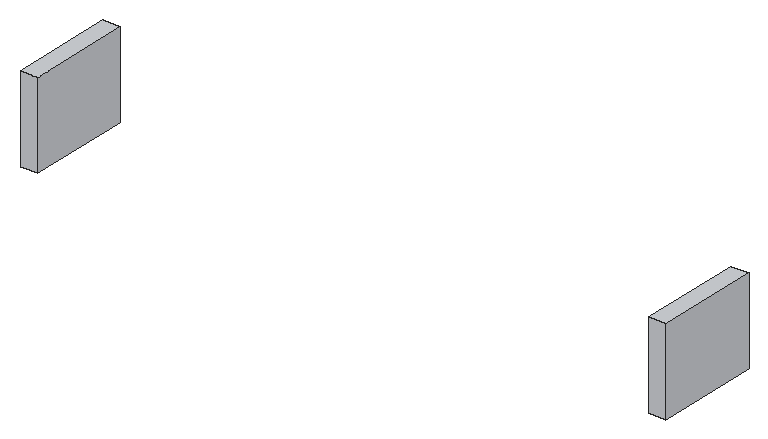
Revit family "ОВ_установка_default", category Оборудование, Revit 2022
Family settings
  Размер круглого соединителя = Использовать диаметр
  Классификация = Нет
  Тип детали = Нормальный
  На основе рабочей плоскости = Нет
  Всегда вертикально = Да
  При загрузке вырезать с полостями = Нет
  Сохранять ориентацию аннотаций = Нет
  Общий = Нет
  Точка принадлежности помещению = Нет
Parameters
  Отметка по умолчанию = 0 mm
  Выпуск_Длина [instance] = 100 mm
  Впуск_Ширина [instance] = 600 mm
  Выпуск_Ширина [instance] = 600 mm
  Выпуск_Отступ [instance] = 100 mm
  Выпуск_Высота [instance] = 500 mm
  Впуск_Снизу [instance] = no
  Впуск_Посередине [instance] = yes
  Впуск_Оступ [instance] = 100 mm
  Впуск_Длина [instance] = 100 mm
  Впуск_Высота [instance] = 500 mm
  Выпуск_Снизу [instance] = no
  Выпуск_Посередине [instance] = yes
  Выпуск_b [instance] = if(Выпуск_Посередине, (ADSK_Размер_Высота / 2) - (Выпуск_Высота / 2), if(Выпуск_Снизу, ADSK_Размер_Высота - Выпуск_Высота, 0 mm))  # 286.069 mm
  Впуск_b [instance] = if(Впуск_Посередине, (ADSK_Размер_Высота / 2) - (Впуск_Высота / 2), if(Впуск_Снизу, ADSK_Размер_Высота - Впуск_Высота, 0 mm))  # 286.069 mm
  Вложенное_оборудование_группирование [instance] = ""
  Вложенное_наполнение_группирование [instance] = ""
  ADSK_Этаж [instance] = ""
  ADSK_Размер_Ширина [instance] = 1360 mm
  ADSK_Размер_Длина [instance] = 3760 mm
  ADSK_Размер_Высота = 1072.138 mm
  ADSK_Примечание [instance] = ""
  ADSK_Предел огнестойкости = ""
  ADSK_Позиция [instance] = ""
  ADSK_Обозначение = ""
  ADSK_Наименование краткое = ""
  ADSK_Наименование = ""
  ADSK_Материал обозначение = ""
  ADSK_Материал наименование = ""
  ADSK_Масса = 0
  ADSK_Марка = ""
  ADSK_Количество [instance] = 1
  ADSK_Код изделия = ""
  ADSK_Зона = ""
  ADSK_Завод-изготовитель = ""
  ADSK_Единица измерения = ""
  ADSK_Группирование = ""
  ADSK_URL страницы изделия = ""
  ADSK_URL документации изделия = ""
Reference planes
  plane 1 "По центру (Вперед/Назад)": y = 0
  plane 2: z = 0
  plane 3 "По центру (Влево/Вправо)": x = 0
  plane 4: x = -1880
  plane 5: x = 1880
  plane 6: y = 680
  plane 7: y = -680
  plane 8: z = 1072.138
  plane 9: z = 786.069
  plane 10: z = 286.069
  plane 11: y = 300
  plane 12: y = -300
  plane 13: y = 300
  plane 14: y = -300
  plane 15: z = 0
  plane 16: z = 286.069
  plane 17 "Начало оборудования": x = -1780
  plane 18: x = 1780
  plane 19: z = 786.069
Dimensions and locks
  equal spacing: plane 6, plane 1 "По центру (Вперед/Назад)", plane 7
  "ADSK_Размер_Ширина": plane 6 to plane 7
  equal spacing: plane 4, plane 3 "По центру (Влево/Вправо)", plane 5
  "ADSK_Размер_Длина": plane 4 to plane 5
  "ADSK_Размер_Высота": level to plane 8
  "Выпуск_b": plane 9 to plane 8
  "Выпуск_Высота": plane 10 to plane 9
  equal spacing: plane 11, plane 1 "По центру (Вперед/Назад)", plane 12
  "Выпуск_Ширина": plane 11 to plane 12
  equal spacing: plane 13, plane 1 "По центру (Вперед/Назад)", plane 14
  "Впуск_Ширина": plane 13 to plane 14
  "Выпуск_Длина": plane 4 to plane 17 "Начало оборудования"
  "Впуск_Длина": plane 18 to plane 5
  "Впуск_b": plane 8 to plane 19
  "Впуск_Высота": plane 19 to plane 16
  aligned and locked: level to plane 2
  aligned and locked: plane 5 to nested 2
  aligned and locked: plane 9 to nested 2
  aligned and locked: nested 1 to plane 16
Nested families
  nested 1: "Элементы установки" at (-1830, 0, 286.069), ADSK_Размер_Высота <- "Впуск_Высота", ADSK_Размер_Ширина <- "Впуск_Ширина", ADSK_Размер_Длина <- "Выпуск_Длина", type "Без УГО"
    with ADSK_Размер_Ширина 600 mm, ADSK_Размер_Длина 100 mm, ADSK_Размер_Высота 500 mm
  nested 2: "Элементы установки" at (1830, 0, 286.069), ADSK_Размер_Высота <- "Выпуск_Высота", ADSK_Размер_Ширина <- "Выпуск_Ширина", ADSK_Размер_Длина <- "Впуск_Длина", type "Без УГО"
    with ADSK_Размер_Ширина 600 mm, ADSK_Размер_Длина 100 mm, ADSK_Размер_Высота 500 mm
Definition of nested family "Элементы установки"
  Parameters (values of type "Воздухоохладитель")
    Фильтр = no
    Default Elevation = 0 mm
    Воздухоохладитель = yes
    Воздухонагреватель = no
    Вентилятор = no
    ADSK_Размер_Ширина [instance] = 500 mm
    ADSK_Размер_Длина [instance] = 920 mm
    ADSK_Размер_Высота [instance] = 800 mm
  Types (5, lengths in mm): name | Фильтр | Воздухоохладитель | Воздухонагреватель | Вентилятор
    Вентилятор | no | no | no | yes
    Фильтр | yes | no | no | no
    Без УГО | no | no | no | no
    Воздухонагреватель | no | no | yes | no
    Воздухоохладитель | no | yes | no | no
  Reference planes
    plane 1 "По центру (Вперед/Назад)": y = 0
    plane 2 "Снизу": z = 0
    plane 3 "По центру (Влево/Вправо)": x = 0
    plane 4 "Слева": x = -460
    plane 5 "Справа": x = 460
    plane 6 "Сзади": y = 250
    plane 7 "Спереди": y = -250
    plane 8 "Сверху": z = 800
  Forms (mm)
    Extrusion 1, solid
      sketch origin (0, 0, 0) x (1, 0, 0) y (0, 1, 0)
        loop
          line (-460, 250) -> (-460, -250) -> (460, -250) -> (460, 250) -> (-460, 250)
      from 0 to 800
  Dimensions and locks
    equal spacing: plane 4 "Слева", plane 3 "По центру (Влево/Вправо)", plane 5 "Справа"
    "ADSK_Размер_Длина": plane 4 "Слева" to plane 5 "Справа"
    equal spacing: plane 6 "Сзади", plane 1 "По центру (Вперед/Назад)", plane 7 "Спереди"
    "ADSK_Размер_Ширина": plane 6 "Сзади" to plane 7 "Спереди"
    "ADSK_Размер_Высота": level to plane 8 "Сверху"
    aligned and locked: level to plane 2 "Снизу"
    aligned and locked: Extrusion 1 sketch curve to plane 6 "Сзади"
    aligned and locked: plane 4 "Слева" to Extrusion 1 sketch curve
    aligned and locked: plane 7 "Спереди" to Extrusion 1 sketch curve
    aligned and locked: Extrusion 1 sketch curve to plane 5 "Справа"
    aligned and locked: plane 8 "Сверху" to Extrusion 1
    aligned and locked: plane 4 "Слева" to nested 1
    aligned and locked: plane 2 "Снизу" to nested 1
    aligned and locked: plane 4 "Слева" to nested 2
    aligned and locked: plane 7 "Спереди" to nested 2
    aligned and locked: plane 4 "Слева" to nested 3
    aligned and locked: nested 3 to plane 8 "Сверху"
    aligned and locked: nested 5 to Extrusion 1  (x2)
    aligned and locked: nested 6 to Extrusion 1  (x3)
    aligned and locked: nested 4 to Extrusion 1  (x2)
    aligned and locked: nested 8 to Extrusion 1  (x2)
    aligned and locked: nested 9 to Extrusion 1  (x2)
    aligned and locked: nested 7 to Extrusion 1  (x2)
  Nested families
    nested 1: "УГО_Вентилятор" at (0, -250, 400) x (1, 0, 0) z (0, -1, 0), ADSK_Размер_Высота <- "ADSK_Размер_Высота", ADSK_Размер_Длина <- "ADSK_Размер_Длина", Вентилятор <- "Вентилятор", Фильтр <- "Фильтр", type "УГО_Вентилятор"
      with Фильтр no, Воздухоохладитель no, Воздухонагреватель no, Вентилятор no, l 554.256 mm, i 512 mm, a 160 mm, ADSK_Размер_Длина 920 mm, ADSK_Размер_Диаметр 640 mm, ADSK_Размер_Высота 800 mm
    nested 2: "УГО_Вентилятор" at (0, 0, 800), ADSK_Размер_Высота <- "ADSK_Размер_Ширина", ADSK_Размер_Длина <- "ADSK_Размер_Длина", Вентилятор <- "Вентилятор", Фильтр <- "Фильтр", type "УГО_Вентилятор"
      with Фильтр no, Воздухоохладитель no, Воздухонагреватель no, Вентилятор no, l 346.41 mm, i 320 mm, a 100 mm, ADSK_Размер_Длина 920 mm, ADSK_Размер_Диаметр 400 mm, ADSK_Размер_Высота 500 mm
    nested 3: "УГО_Вентилятор" at (0, 250, 400) x (1, 0, 0) z (0, 1, 0), ADSK_Размер_Высота <- "ADSK_Размер_Высота", ADSK_Размер_Длина <- "ADSK_Размер_Длина", Вентилятор <- "Вентилятор", Фильтр <- "Фильтр", type "УГО_Вентилятор"
      with Фильтр no, Воздухоохладитель no, Воздухонагреватель no, Вентилятор no, l 554.256 mm, i 512 mm, a 160 mm, ADSK_Размер_Длина 920 mm, ADSK_Размер_Диаметр 640 mm, ADSK_Размер_Высота 800 mm
    nested 4: "УГО_Вентилятор" at (0, 250, 400) x (1, 0, 0) z (0, 1, 0), ADSK_Размер_Длина <- "ADSK_Размер_Длина", ADSK_Размер_Высота <- "ADSK_Размер_Высота", visible <- "Воздухонагреватель", type "Воздухонагреватель"
      with Фильтр no, Воздухоохладитель no, Воздухонагреватель yes, Вентилятор no, l 554.256 mm, i 512 mm, a 160 mm, ADSK_Размер_Длина 920 mm, ADSK_Размер_Диаметр 640 mm, ADSK_Размер_Высота 800 mm
    nested 5: "УГО_Вентилятор" at (0, -250, 400) x (-1, 0, 0) z (0, -1, 0), ADSK_Размер_Высота <- "ADSK_Размер_Высота", ADSK_Размер_Длина <- "ADSK_Размер_Длина", visible <- "Воздухонагреватель", type "Воздухонагреватель"
      with Фильтр no, Воздухоохладитель no, Воздухонагреватель yes, Вентилятор no, l 554.256 mm, i 512 mm, a 160 mm, ADSK_Размер_Длина 920 mm, ADSK_Размер_Диаметр 640 mm, ADSK_Размер_Высота 800 mm
    nested 6: "УГО_Вентилятор" at (0, 0, 800), ADSK_Размер_Длина <- "ADSK_Размер_Длина", ADSK_Размер_Высота <- "ADSK_Размер_Ширина", visible <- "Воздухонагреватель", type "Воздухонагреватель"
      with Фильтр no, Воздухоохладитель no, Воздухонагреватель yes, Вентилятор no, l 346.41 mm, i 320 mm, a 100 mm, ADSK_Размер_Длина 920 mm, ADSK_Размер_Диаметр 400 mm, ADSK_Размер_Высота 500 mm
    nested 7: "УГО_Вентилятор" at (0, -250, 400) x (-1, 0, 0) z (0, -1, 0), ADSK_Размер_Высота <- "ADSK_Размер_Высота", ADSK_Размер_Длина <- "ADSK_Размер_Длина", visible <- "Воздухоохладитель", type "Воздухоохладитель"
      with Фильтр no, Воздухоохладитель yes, Воздухонагреватель no, Вентилятор no, l 554.256 mm, i 512 mm, a 160 mm, ADSK_Размер_Длина 920 mm, ADSK_Размер_Диаметр 640 mm, ADSK_Размер_Высота 800 mm
    nested 8: "УГО_Вентилятор" at (0, 250, 400) x (1, 0, 0) z (0, 1, 0), ADSK_Размер_Высота <- "ADSK_Размер_Высота", ADSK_Размер_Длина <- "ADSK_Размер_Длина", visible <- "Воздухоохладитель", type "Воздухоохладитель"
      with Фильтр no, Воздухоохладитель yes, Воздухонагреватель no, Вентилятор no, l 554.256 mm, i 512 mm, a 160 mm, ADSK_Размер_Длина 920 mm, ADSK_Размер_Диаметр 640 mm, ADSK_Размер_Высота 800 mm
    nested 9: "УГО_Вентилятор" at (0, 0, 800), ADSK_Размер_Высота <- "ADSK_Размер_Ширина", ADSK_Размер_Длина <- "ADSK_Размер_Длина", visible <- "Воздухоохладитель", type "Воздухоохладитель"
      with Фильтр no, Воздухоохладитель yes, Воздухонагреватель no, Вентилятор no, l 346.41 mm, i 320 mm, a 100 mm, ADSK_Размер_Длина 920 mm, ADSK_Размер_Диаметр 400 mm, ADSK_Размер_Высота 500 mm
  Definition of nested family "УГО_Вентилятор"
    Parameters (values of type "Воздухонагреватель")
      Фильтр [instance] = no
      Default Elevation = 1219.2 mm
      Воздухоохладитель [instance] = no
      Воздухонагреватель [instance] = yes
      Вентилятор [instance] = no
      l [instance] = ADSK_Размер_Диаметр * cos(30.00°)  # 381.051 mm
      i [instance] = ADSK_Размер_Диаметр - ADSK_Размер_Диаметр / 100 * 20  # 352 mm
      a [instance] = ADSK_Размер_Диаметр / 4  # 110 mm
      ADSK_Размер_Длина [instance] = 1000 mm
      ADSK_Размер_Диаметр [instance] = if(ADSK_Размер_Длина > ADSK_Размер_Высота, ADSK_Размер_Высота * 0.8, ADSK_Размер_Длина * 0.8)  # 440 mm
      ADSK_Размер_Высота [instance] = 550 mm
    Types (5, lengths in mm): name | Фильтр | Воздухоохладитель | Воздухонагреватель | Вентилятор | l | i | a | ADSK_Размер_Диаметр | ADSK_Размер_Высота
      (no name) | no | no | yes | no | 692.82 | 640 | 200 | 800 | 1100
      Вентилятор | no | no | no | yes | 692.82 | 640 | 200 | 800 | 1100
      Фильтр | yes | no | no | no | 692.82 | 640 | 200 | 800 | 1100
      Воздухонагреватель | no | no | yes | no | 381.051 | 352 | 110 | 440 | 550
      Воздухоохладитель | no | yes | no | no | 692.82 | 640 | 200 | 800 | 1100
    Reference planes
      plane 1 "По центру (Вперед/Назад)": y = 0
      plane 2: z = 0
      plane 3 "По центру (Влево/Вправо)": x = 0
      plane 4: y = 275
      plane 5: y = -275
      plane 6: x = -500
      plane 7: x = 500
      plane 8: y = 137.5
      plane 9: y = -137.5
    Forms (mm)
      Extrusion 1, solid, visible <- "Вентилятор"
        sketch origin (0, 0, 0) x (1, 0, 0) y (0, 1, 0)
          loop
            line (220, 0) -> (-110, 190.526) -> (-110, -190.526) -> (220, 0)
        from 0 to 1
    Lines and regions (mm)
      model lines
        curve 1: line (-500, 275, 0) -> (500, 275, 0)
        curve 2: line (-500, -275, 0) -> (-500, 275, 0)
        curve 3: line (500, -275, 0) -> (-500, -275, 0)
        curve 4: line (500, 275, 0) -> (500, -275, 0)
      model lines, visible <- "Вентилятор"
        curve 5: circle (0, 0, 0) r 220 normal (0, 0, 1)
      model lines, visible <- "Фильтр"
        curve 6: line (500, 275, 0) -> (-500, 137.5, 0)
        curve 7: line (500, 0, 0) -> (-500, -137.5, 0)
        curve 8: line (500, -275, 0) -> (-500, -137.5, 0)
        curve 9: line (-500, 137.5, 0) -> (500, 0, 0)
      model lines, visible <- "Воздухонагреватель"
        curve 10: circle (0, 0, 0) r 220 normal (0, 0, 1)
        curve 11: line (0, 176, 0) -> (0, -176, 0)
        curve 12: line (-176, 0, 0) -> (176, 0, 0)
      model lines, visible <- "Воздухоохладитель"
        curve 13: circle (0, 0, 0) r 220 normal (0, 0, 1)
        curve 14: line (-176, 0, 0) -> (176, 0, 0)
    Dimensions and locks
      equal spacing: plane 4, plane 1 "По центру (Вперед/Назад)", plane 5
      "ADSK_Размер_Высота": plane 4 to plane 5
      equal spacing: plane 6, plane 3 "По центру (Влево/Вправо)", plane 7
      "ADSK_Размер_Длина": plane 6 to plane 7
      "a": Extrusion 1 sketch curve to plane 3 "По центру (Влево/Вправо)"
      "l": Extrusion 1 sketch curve to Extrusion 1 sketch curve
      equal spacing: plane 4, plane 8, plane 1 "По центру (Вперед/Назад)"
      equal spacing: plane 5, plane 9, plane 1 "По центру (Вперед/Назад)"
      equal spacing: curve 11, plane 1 "По центру (Вперед/Назад)", curve 11
      "i": curve 11 to curve 11
      equal spacing: curve 12, plane 3 "По центру (Влево/Вправо)", curve 12
      "i": curve 12 to curve 12
      equal spacing: curve 14, plane 3 "По центру (Влево/Вправо)", curve 14
      "i": curve 14 to curve 14
      "ADSK_Размер_Диаметр": diameter of curve 5
      "ADSK_Размер_Диаметр": diameter of curve 10
      "ADSK_Размер_Диаметр": diameter of curve 13
      locked: Extrusion 1 sketch curve to plane 1 "По центру (Вперед/Назад)" (angle 30.00°)
      locked: plane 1 "По центру (Вперед/Назад)" to Extrusion 1 sketch curve (angle 30.00°)
      aligned and locked: level to plane 2
      aligned and locked: curve 1 to plane 4
      aligned and locked: plane 5 to curve 3
      aligned and locked: plane 3 "По центру (Влево/Вправо)" to curve 5
      aligned and locked: plane 1 "По центру (Вперед/Назад)" to curve 5
      aligned and locked: plane 6 to curve 9
      aligned and locked: plane 8 to curve 9
      aligned and locked: plane 7 to curve 9
      aligned and locked: plane 1 "По центру (Вперед/Назад)" to curve 7
      aligned and locked: plane 6 to curve 8
      aligned and locked: plane 7 to curve 8
      aligned and locked: plane 3 "По центру (Влево/Вправо)" to curve 10
      aligned and locked: plane 1 "По центру (Вперед/Назад)" to curve 10
      aligned and locked: plane 3 "По центру (Влево/Вправо)" to curve 13
      aligned and locked: plane 1 "По центру (Вперед/Назад)" to curve 13
    Automatic sketch dimensions
      curve 11 to plane 3 "По центру (Влево/Вправо)" = 0 mm
      curve 7 to plane 9 = 0 mm
      plane 1 "По центру (Вперед/Назад)" to curve 12 = 0 mm
      plane 1 "По центру (Вперед/Назад)" to curve 14 = 0 mm
      curve 6 to plane 8 = 0 mm
      plane 1 "По центру (Вперед/Назад)" to Extrusion 1 sketch curve = 0 mm
